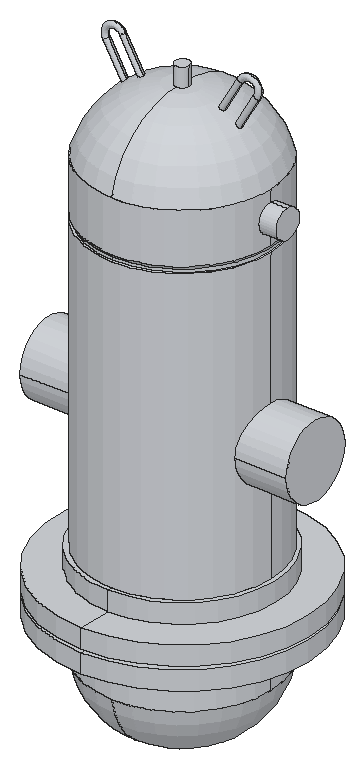
Revit family "WVA-2.5-NPT", category Mechanical Equipment, Revit 2014
Parameters (values of type "WVA-2.5-NPT")
  SideDrainExtrusion = CylinderHalfLength * 0.13123  # 0.65615"
  PipeNominalDiameter = 2 3/8"
  PipeConnectorDiameter = 2 1/2"
  PipeConnectionSize = 2"
  PartNumber = "72080021"
  MaximumOperatingTemperature = "240°F"
  MaximumOperatingPressure = "125 PSIG"
  MaximumFlow = "69 GPM"
  HookWidth = 3/4"
  SideFlangeThickness1 = 15/64"
  SideFlangeThickness = 53/64"
  LeftHookDistance = 0.35916"
  TopExtrusionDiameter = A * 0.1111  # 1.111"
  SideFlangeStep2 = 7 11/128"
  SideFlangeStep1 = 3 139/256"
  PipeDiameter = 2 7/8"
  HookTopDistance = B * 0.01386  # 0.31878"
  HookDistance = A * 0.19597  # 1.9597"
  URL = "http://westank.com/"
  TotalHeight = B * 0.1364  # 3.1372"
  Step5Diameter = A * 0.21818  # 2.18181"
  Step4Diameter = A * 0.25455  # 2.54545"
  Step3Diameter = A * 0.18182  # 1.8182"
  Step2Diameter = A * 0.10909  # 1.0909"
  Step1Diameter = A * 0.05454  # 0.5454"
  RingDistance = B * 0.19599  # 4.50777"
  RevolveRadius = CylindarDia / 2  # 3 1/2"
  Model = "WVA-2-NPT"
  Manufacturer = "Wessels Company"
  HookDiameter = A * 0.0223  # 0.223"
  Height2 = B * 0.00547  # 0.12581"
  Height1 = B * 0.03268  # 0.75164"
  D = 11 1/2"
  CylinderHeight = B * 0.781  # 17.963"
  CylinderHalfLength = A / 2  # 5"
  CouplingHeight = B * 0.15525  # 3.57075"
  C = 10 1/2"
  BottomRevolveHeight = B * 0.10886  # 2.50378"
  BottomExtrusionHeight = B * 0.01095  # 0.25185"
  B = 23"
  CylindarDia = A * 0.7  # 7"
  NumberOfArray = 9
  ArrayRadius = CylindarDia * 0.62598  # 4.38189"
  ApproximateShipmentWeight = "90 lbs"
  A = 10"
Reference planes (in)
  plane 1: z = 0
  plane 2 "Center (Left/Right)": x = 0
  plane 3: x = -3.5
  plane 4: y = 1.09449
  plane 5: y = -2.40551
  plane 6: x = 3.5
  plane 7: z = 23
  plane 8: z = 11.5
  plane 9: y = -5.90551
  plane 10: z = 20.4815
  plane 11: z = 2.5185
  plane 12: y = -2.90551
  plane 13: y = -1.90551
  plane 14: z = 19.98717
  plane 15: z = 18.98717
  plane 16: z = 19.48717
  plane 17: x = 5
  plane 18: z = 18.49223
  plane 19: z = 18.24223
  plane 20: x = 0
  plane 21: z = 3.01459
  plane 22: x = -5
  plane 23: y = -7.40551
  plane 24: y = 2.59449
  plane 25: x = 4
  plane 26: z = 4.08442
  plane 27: z = 0.25185
  plane 28: z = 2.75563
  plane 29: y = -2.15551
  plane 30: y = -2.65551
  plane 31: x = -5.25
  plane 32: x = 5.25
  plane 33: z = 11.5
  plane 34: x = 2
  plane 35: x = -2.03354
Forms (in)
  Extrusion 1, solid
    sketch origin (0, 0, 0) x (1, 0, 0) y (0, 1, 0)
      loop
        circle (0, -2.40551) r 3.5
    from 2.75563 to 20.4815
  Revolve 2, solid
    sketch origin (0, 0, 0) x (0, 1, 0) y (0, 0, 1)
      loop
        line (-2.40551, 20.4815) -> (-2.40551, 23)
        arc (-2.40551, 23) -> (-4.61401, 22.37793) -> (-5.90551, 20.4815) r 3.35316
        line (-5.90551, 20.4815) -> (-2.40551, 20.4815)
      axis (-2.40551, 23) -> (-2.40551, 20.4815)
    angle from 0 to 360
  Revolve 3, solid
    sketch origin (0, 0, 23) x (0, 1, 0) y (0, 0, 1)
      loop
        line (-2.40551, -20.24437) -> (-5.90551, -20.24437)
        arc (-5.90551, -20.24437) -> (-4.67687, -22.22506) -> (-2.40551, -22.74815) r 3.03137
        line (-2.40551, -22.74815) -> (-2.40551, -20.24437)
      axis (-2.40551, -22.74815) -> (-2.40551, -20.24437)
    angle from 0 to 360
  Extrusion 4, solid
    sketch origin (5, -180, 55.70663) x (0, 0, 1) y (0, -1, 0)
      loop
        circle (-36.21946, -177.59449) r 0.5555
    from -0.84385 to -1.65281
  Revolve 5, void
    sketch origin (0, 0, 0) x (0, 1, 0) y (0, 0, 1)
      loop
        line (1.14136, 18.55917) -> (1.00252, 18.36089) -> (1.00252, 18.24223) -> (1.14136, 18.24223) -> (1.14136, 18.55917)
      axis (-2.40551, 18.55917) -> (-2.40551, 18.24223)
    angle from 0 to 360
  Revolve 6, solid
    sketch origin (0, 0, 0) x (0, 1, 0) y (0, 0, 1)
      loop
        line (1.27519, 4.32239) -> (2.59449, 4.32239) -> (2.59449, 5.07403) -> (1.69769, 5.07403) -> (1.69769, 5.19984) -> (2.59449, 5.19984) -> (2.59449, 5.95148) -> (1.27519, 5.95148) -> (1.27519, 6.70795) -> (1.09449, 6.70795) -> (1.09449, 3.57075) -> (1.27519, 3.57075) -> (1.27519, 4.32239)
      axis (-2.40551, 6.70795) -> (-2.40551, 3.57075)
    angle from 0 to 360
  Extrusion 7, solid
    sketch origin (0, 0, 0) x (1, 0, 0) y (0, 1, 0)
      loop
        circle (0, -2.40551) r 0.2727
    from 0 to 0.25185
  Extrusion 8, solid
    sketch origin (0, 0, 0) x (0, 1, 0) y (0, 0, 1)
      loop
        circle (-2.40551, 11.5) r 1.4375
    from -5.25 to 5.25
  Extrusion 9, solid
    sketch origin (-60.41868, -180, 23) x (-1, 0, 0) y (0, -1, 0)
      loop
        circle (-60.41868, -177.59449) r 0.2727
    from 0 to 0.71071
  Sweep 10, solid
    path origin (-6.12985, 2.55415, 134.53653) x (0.500924, 0.001396, 0.86549) y (0.865491, 0.000387, -0.500925)
      loop
        line (-92.98541, 62.71114) -> (-91.46355, 62.71114)
        arc (-91.46355, 62.71114) -> (-91.08855, 63.08614) -> (-91.46355, 63.46114) r 0.375
        line (-91.46355, 63.46114) -> (-92.98541, 63.46114)
    profile origin (1.94858, 2.44965, 23.30358) x (0.865491, 0.000387, -0.500925) y (-0.001035, 0.999999, -0.001015)
      loop
        circle (0, -4.875) r 0.1115
  Sweep 11, solid
    path origin (6.12985, 2.55415, 134.53653) x (-0.500924, 0.001396, 0.86549) y (0.865491, -0.000387, 0.500925)
      loop
        line (-92.98541, -62.71114) -> (-91.46355, -62.71114)
        arc (-91.46355, -62.71114) -> (-91.08855, -63.08614) -> (-91.46355, -63.46114) r 0.375
        line (-91.46355, -63.46114) -> (-92.98541, -63.46114)
    profile origin (-1.94858, 2.44965, 23.30358) x (0.865491, -0.000387, 0.500925) y (0.001035, 0.999999, -0.001015)
      loop
        circle (0, -4.875) r 0.1115
Cuts and joins
  Revolve 5 cuts Extrusion 1
  joined: Extrusion 1, Extrusion 4, Revolve 6, Extrusion 8
  joined: Revolve 2, Sweep 10, Sweep 11
Dimensions and locks (in)
  equal spacing: plane 6, plane 2 "Center (Left/Right)", plane 3
  "CylindarDia": plane 6 to plane 3
  equal spacing: plane 7, plane 8, level
  "B": plane 7 to level
  equal spacing: plane 3, plane 2 "Center (Left/Right)", plane 6
  plane 3 to plane 6 = 7"
  equal spacing: plane 4, plane 5, plane 9
  plane 4 to plane 9 = 7"
  "RevolveRadius": plane 9 to plane 5
  equal spacing: plane 10, plane 8, plane 11
  "CylinderHeight": plane 10 to plane 11
  equal spacing: plane 12, plane 5, plane 13
  plane 12 to plane 13 = 1"
  plane 14 to plane 15 = 1"
  equal spacing: plane 14, plane 16, plane 15
  plane 10 to plane 14 = 0.49433"
  locked: Extrusion 4 sketch curve to plane 5
  locked: Extrusion 4 sketch curve to plane 16 at 0
  locked: Revolve 5 sketch curve to Revolve 5 sketch curve at 0.13884
  locked: plane 18 to plane 19 at 0.25
  "RingDistance": plane 7 to plane 18
  locked: plane 21 to plane 11 at 0.49609
  equal spacing: plane 17, plane 2 "Center (Left/Right)", plane 22
  "A": plane 17 to plane 22
  equal spacing: plane 23, plane 5, plane 24
  "A": plane 23 to plane 24
  locked: plane 25 to plane 6 at 0.5
  Revolve 6 to plane 26 = 0.23797"
  "Height1": Revolve 6 sketch curve to Revolve 6 sketch curve  (x3)
  "Height2": Revolve 6 sketch curve to Revolve 6 sketch curve
  "TotalHeight": Revolve 6 sketch curve to Revolve 6 sketch curve
  "CouplingHeight": level to Revolve 6 sketch curve
  equal spacing: plane 30, plane 5, plane 29
  equal spacing: plane 32, plane 2 "Center (Left/Right)", plane 31
  "C": plane 32 to plane 31
  "D": plane 33 to level
  locked: plane 20 to Extrusion 9 sketch curve at 0
  locked: plane 5 to Extrusion 9 sketch curve at 0
  "BottomExtrusionHeight": plane 27 to level
  "BottomRevolveHeight": plane 28 to plane 27
  locked: plane 20 to Extrusion 7 sketch curve at 0
  locked: Extrusion 7 sketch curve to plane 5 at 0
  plane 34 to plane 20 to plane 35 = 2", 2.03354"
  "SideDrainExtrusion": Extrusion 4 to plane 6
  "HookWidth": Sweep 10 sketch curve to Sweep 10 sketch curve
  "HookWidth": Sweep 11 sketch curve to Sweep 11 sketch curve
  "CylindarDia": diameter of Extrusion 1 sketch curve
  "TopExtrusionDiameter": diameter of Extrusion 4 sketch curve
  "Step1Diameter": diameter of Extrusion 9 sketch curve
  "PipeDiameter": diameter of Extrusion 8 sketch curve
  "Step1Diameter": diameter of Extrusion 7 sketch curve
  "HookDiameter": diameter of Sweep 10 sketch curve
  "HookDiameter": diameter of Sweep 11 sketch curve
  aligned and locked: level to plane 1
  aligned and locked: Revolve 2 sketch curve to Extrusion 1
  aligned and locked: plane 5 to Revolve 2 sketch curve  (x2)
  aligned and locked: Revolve 2 sketch curve to plane 5
  aligned and locked: Revolve 3 sketch curve to Extrusion 1
  aligned and locked: plane 5 to Revolve 3 sketch curve
  aligned and locked: plane 9 to Revolve 3 sketch curve
  aligned and locked: plane 9 to Revolve 2 sketch curve
  aligned and locked: plane 10 to Extrusion 1
  aligned and locked: Revolve 5 sketch curve to plane 19
  aligned and locked: plane 20 to plane 2 "Center (Left/Right)"
  aligned and locked: Revolve 6 sketch curve to Revolve 6 sketch curve
  aligned and locked: Revolve 6 sketch curve to plane 4
  aligned and locked: Revolve 6 sketch curve to plane 5
  aligned and locked: plane 24 to Revolve 6 sketch curve
  aligned and locked: Revolve 5 sketch curve to plane 5
  aligned and locked: Extrusion 1 to plane 28
  aligned and locked: plane 27 to Extrusion 7
  aligned and locked: Extrusion 7 to level
  aligned and locked: Extrusion 9 to plane 7
  aligned and locked: cut or joined group of Extrusion 1, Extrusion 4, Revolve 5, Revolve 6, Extrusion 8 to plane 31
  aligned and locked: plane 32 to cut or joined group of Extrusion 1, Extrusion 4, Revolve 5, Revolve 6, Extrusion 8
Automatic sketch dimensions
  Revolve 3 sketch curve to plane 5 = 0"
  Revolve 3 sketch curve to plane 27 = 0"  (x2)
  Revolve 3 sketch curve to plane 28 = 0"
  Revolve 3 sketch curve to plane 12 = 0.00764"
  Revolve 5 sketch curve to plane 4 = 0.09196"
  plane 19 to Revolve 5 sketch curve = 0.11866"
  plane 18 to Revolve 5 sketch curve = 0.06694"
  Revolve 5 sketch curve to level = 12"
  Revolve 2 sketch curve to plane 30 = 0"
  Revolve 2 sketch curve to plane 10 = 0"
  Revolve 2 sketch curve to plane 7 = 0"
  plane 7 to Revolve 2 sketch curve = 2.7327"
  plane 7 to Revolve 5 sketch curve = 72 7/8"
  Extrusion 1 sketch curve to plane 2 "Center (Left/Right)" = 0"
  Extrusion 1 sketch curve to plane 5 = 0"
  Revolve 6 sketch curve to plane 4 = 0"
  Revolve 6 sketch curve to Revolve 6 sketch curve = 0.1807"  (x2)
  plane 4 to Revolve 6 sketch curve = 0.6032"
  Revolve 6 sketch curve to level = 12"
  plane 7 to Revolve 6 sketch curve = 73"
  Extrusion 8 sketch curve to plane 5 = 0"
  Extrusion 8 sketch curve to plane 8 = 0"
  Sweep 10 sketch curve to Sweep 10 sketch curve = 1.52185"
  Sweep 10 sketch curve to Sweep 10 sketch curve = 0"
  profile plane to Sweep 10 sketch curve = 0"
  Sweep 10 sketch curve to profile plane = 4 7/8"
  Sweep 11 sketch curve to Sweep 11 sketch curve = 1.52185"
  Sweep 11 sketch curve to Sweep 11 sketch curve = 0"
  Sweep 11 sketch curve to profile plane = 0"
  Sweep 11 sketch curve to profile plane = 4 7/8"
Connectors (in)
  piping at (5.25, -2.40551, 11.5), diameter 2, driven by "PipeConnectionSize"
    settings: on cut or joined group of Extrusion 1, Extrusion 4, Revolve 5, Revolve 6, Extrusion 8, index 1, connector inside diameter 24", connector length 0", flow factor 0, pipe flow 0 GPM, pressure drop 0.00 psi, fitting loss kfactor 0, connector angle 0.00°, fixture units 0, engagement length 0", angle of deflection 0.00°, flow configuration 0, flow direction 0, fitting loss method 0, system type 7, joint type 0, gender type 0, connector reference index -1, connector utility 0, adjustable connector no, is connector primary yes, connector description ""
  piping at (-5.25, -2.40551, 11.5), diameter 2, driven by "PipeConnectionSize"
    settings: on cut or joined group of Extrusion 1, Extrusion 4, Revolve 5, Revolve 6, Extrusion 8, index 2, connector inside diameter 24", connector length 0", flow factor 0, pipe flow 0 GPM, pressure drop 0.00 psi, fitting loss kfactor 0, connector angle 0.00°, fixture units 0, engagement length 0", angle of deflection 0.00°, flow configuration 0, flow direction 0, fitting loss method 0, system type 7, joint type 0, gender type 0, connector reference index -1, connector utility 0, adjustable connector no, is connector primary no, connector description ""
